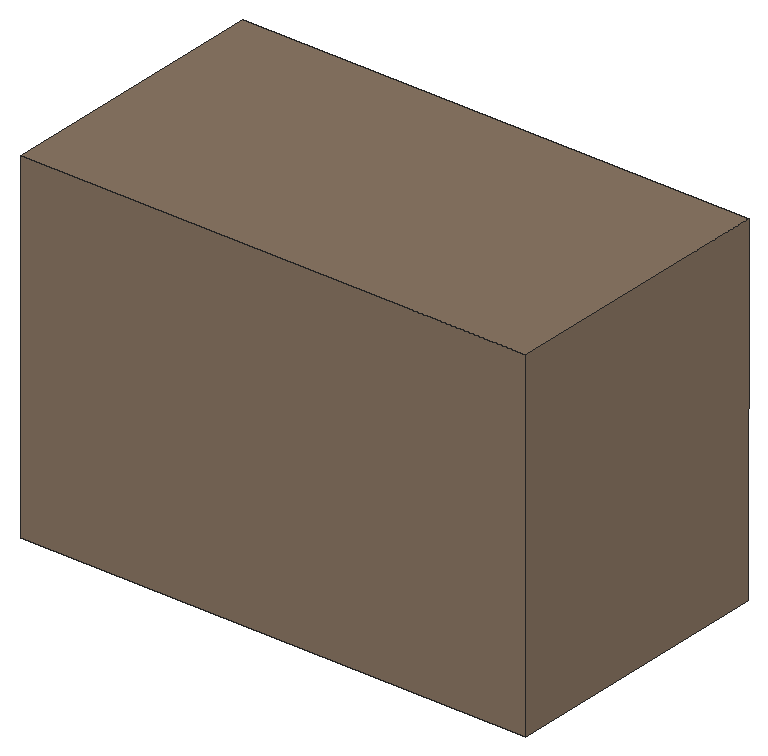
Revit family
Parameters
  URL = "http://www.martinbrattrud.com"
  Table [instance] = none
  SCS Certified Product = "Yes"
  Model = "Bristol 249-02H"
  Manufacturer = "Martin Brattrud, Inc."
  Keynote = "125000"
  Copyright = "© 2013 Martin Brattrud, Inc."
  Authoring Version = "Revit Architecture 2010"
  Assembly Code = "E2020200"
Reference planes (in)
  plane 1 "Center Front/Back": y = 0
  plane 2: z = 0
  plane 3 "Center Left/Right": x = 0
Forms (in)
  Extrusion 1, solid, material <- "Table"
    sketch origin (0, 0, 0) x (1, 0, 0) y (0, 1, 0)
      loop
        line (-12.75, 7) -> (-12.75, -7) -> (12.75, -7) -> (12.75, 7) -> (-12.75, 7)
    from 4.25 to 21.5
